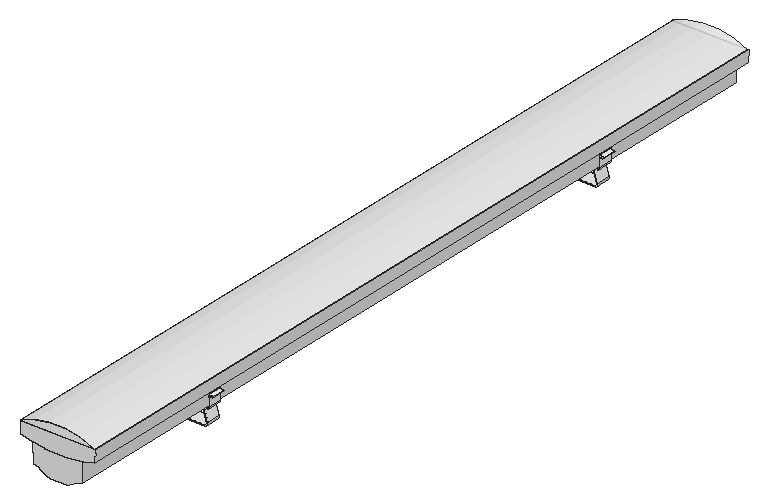
Revit family "Lighting-Industriale-GEWISS-SMART[3]e-PLAFONIERA-LED_OPALE_1200mm", category Apparecchi per illuminazione, host Superficie, Revit 2019
Family settings
  Host = Superficie
  Quota connettore circolare = Usa diametro
  Tipo di parte = Normale
  Numero OmniClass = 23.80.70.11
  Titolo OmniClass = Luminaries for Internal Lighting
  Taglio con vuoti quando caricato = No
  Sorgente d'illuminazione = No
  Condiviso = No
  Punto di calcolo locali = Sì
Parameters (values of type "GWS3220EP840 - SMART3e 1200 ON/OFF OPAL CRI80 4000K")
  Viti esterne = "-"
  Visibilita_etichetta [instance] = yes
  Versione file RFA = "21.4"
  Vano di alimentazione = "Integrato"
  URL = "https://www.gewiss.com/it/it"
  Tolleranza cromatica = "SDCM = 3"
  Tipologia sorgente luminosa = "LED - Non sostituibile"
  Tipo di installazione e montaggio = "Plafone - Parete - Sospensione"
  Tipo di apparecchio = "Apparecchio a LED per illuminazione generale"
  Tensione di alimentazione = "220 - 240 V"
  Temperatura di stoccaggio = "-25 +80 °C"
  Temperatura di esercizio = "-25 +40 °C"
  Superficie massima esposta al vento : = "-"
  Struttura = GEWISS - SMART 3 - GRIGIO
  Stampa 1_200 = no
  Stampa 1_100 = not(Stampa 1_200)  # yes
  Spostamento_Y_etichetta [instance] = 0 mm
  Spostamento_Y_effettivo_etichetta [instance] = 1500 mm - Spostamento_Y_etichetta  # 1500 mm
  Spostamento_X_etichetta [instance] = 0 mm
  Spostamento_X_effettivo_etichetta [instance] = 1500 mm - Spostamento_X_etichetta  # 1500 mm
  SostituibilitÃ  piastra di cablaggio = "Non disponibile"
  SostituibilitÃ  gruppo ottico = "Non disponibile"
  Sistema di controllo : = "ON / OFF"
  Sistema di controllo = "Stand Alone - On / Off"
  Schermo. = Gewiss - Led Acceso
  Schermo = "Policarbonato stabilizzato agli UV"
  Scheda Tecnica = "https://www.gewiss.com/it/it/search?q=GWS3220EP840"
  Resistenza al filo incandescente = "850 °C"
  Resistenza agli urti = "IK08"
  Default Elevation = 1219.2 mm
  Produttore = "GEWISS S.p.A."
  Ottica = "Opale diffondente"
  Norma di riferimento = "EN60598-1; IEC 62778; IEC62471"
  Modello = "GWS3220EP840"
  Materiali = "-"
  Lunghezza Lampada = 1200 mm  # constant formula
  Lampada = "LED"
  Installazione e manutenzione = "-"
  Informazioni generali = "-"
  Indice di resa cromatica = "CRI>80"
  Inclinazione = "Con staffa di fissaggio"
  Immagine tipo = GWS3136P.jpg
  IPEA = "-"
  IFC.TypeObject = ""
  IFC.ExportType = ""
  IFC.ExportAs = ""
  IDT = "b2a83afa-fdcf-41be-8833-5f8c4d209246"
  IDF = "debe48e3-4256-46b4-8a1a-259739a0f31f"
  Guarnizioni = "Sigillante depositato a CNC"
  Gruppo ottico = "Integrato nello schermo"
  Grado di protezione = "IP66/IP69"
  Garanzia = "5 anni"
  Gancio di chiusura = "-"
  Ganci = GEWISS  - ALLUMINIO
  Frequenza nominale (Hz) = "50/60 Hz"
  Fissaggio = "Supporto in acciaio INOX"
  Finitura colore = "PC colorato in pasta RAL7035"
  Failure rate alimentatore = "F10 = 90.000 h a Tq 25°C/F10= 50.000 h a Tq 40°C"
  Durata di vita = "L80B20(Tq25°C)=90.000h - L80B20(Tq40°C)=50.000h"
  Dispositivo di protezione = "DM 1KV / CM 2KV"
  Descrizione = "SMART3e 1200 ON/OFF OPAL CRI80 4000K"
  Creato da GEWISS S.p.A. = ""
  Corpo = "Policarbonato"
  Controllo abbagliamento e luminanza = "UGR < 25 (4H/8H)"
  Contesto = "Illuminazione di magazzini, parcheggi coperti e locali produttivi industriali"
  Commenti sul wattaggio = "43W"
  Colore = "Grigio RAL 7035"
  Codice digitale univoco (Datamatrix) = "Datamatrix"
  Codice EAN = ""
  Classificazione: = "-"
  Classe isolamento = "II"
  Classe fotobiologica = "-"
  Certificazioni e classificazioni = "-"
  Certificazione DIN 18032-3 = "Non disponibile"
  Catalogo = "LIGHTING"
  Carico apparente = 43 VA
  Caratteristiche ottiche e illuminotecniche = "-"
  Caratteristiche elettriche e gestione della luce = "-"
  Cablaggio : = "Stand alone"
  Cablaggio = "Con connettore stagno Gw connect"
  COBie.Tagnumber = ""
  COBie.CreatedOn = ""
  COBie.CreatebBy = ""
  COBie.ComponentRegisterItemID = ""
  COBie.Component.TagNumber = ""
  COBie.Component.Space = ""
  COBie.Component.SerialNumber = ""
  COBie.Component.InstallationDate = ""
  COBie.Component.Description = ""
  COBie.Component.BarCode = ""
  Applicazione = "Interno"
  Apparecchio a ridotta temperatura superficiale = "Si"
  Alimentatore = "Incluso"
Types (5, lengths in mm): name | Sistema di controllo | Scheda Tecnica | Modello | IDT | Descrizione | Cablaggio :
  (no name) | "Stand Alone - On / Off" | "https://www.gewiss.com/it/it/search?q=GWS3220EP840" | "GWS3220EP840" | "b2a83afa-fdcf-41be-8833-5f8c4d209246" | "SMART3e 1200 ON/OFF OPAL CRI80 4000K" | "Stand alone"
  GWS3220EP840 - SMART3e 1200 ON/OFF OPAL CRI80 4000K | "Stand Alone - On / Off" | "https://www.gewiss.com/it/it/search?q=GWS3220EP840" | "GWS3220EP840" | "b2a83afa-fdcf-41be-8833-5f8c4d209246" | "SMART3e 1200 ON/OFF OPAL CRI80 4000K" | "Stand alone"
  GWS3220EP857 - SMART3e 1200 ON/OFF OPAL CRI80 5700K | "Stand Alone - On / Off" | "https://www.gewiss.com/it/it/search?q=GWS3220EP857" | "GWS3220EP857" | "91d943c5-a662-4a5c-8a36-b5ca2b7ee47d" | "SMART3e 1200 ON/OFF OPAL CRI80 5700K" | "Stand alone"
  GWS3222EP840 - SMART3e 1200 TW ON/OFF OPAL CRI80 4000K | "Linea Passante - On / Off" | "https://www.gewiss.com/it/it/search?q=GWS3222EP840" | "GWS3222EP840" | "50134422-6e4f-446d-9d17-0f79fe45b235" | "SMART3e 1200 TW ON/OFF OPAL CRI80 4000K" | "Linea Passante"
  GWS3222EP857 - SMART3e 1200 TW ON/OFF OPAL CRI80 5700K | "Linea Passante - On / Off" | "https://www.gewiss.com/it/it/search?q=GWS3222EP857" | "GWS3222EP857" | "758a5e43-e37e-4759-b00e-52f18e81c504" | "SMART3e 1200 TW ON/OFF OPAL CRI80 5700K" | "Linea Passante"
Reference planes
  plane 1 "Centro (Fronte/Retro)": y = 0
  plane 2: z = 0
  plane 3 "Centro (Sinistra/Destra)": x = 0
  plane 4: x = -1500
  plane 5: y = -1500
  plane 6: x = 0
  plane 7: y = 0
Forms (mm)
  Extrusion 1, solid, material "GEWISS  - ALLUMINIO" <- "Ganci", detail levels medium+fine
    sketch origin (0, 0, 0) x (1, 0, 0) y (0, 0, 1)
      loop
        arc (31.431, -0.002) -> (34.576, 1.589) -> (35.156, 5.066) r 3.903
        line (35.156, 5.066) -> (29.612, 23.211)
        arc (29.612, 23.211) -> (29.883, 24.381) -> (31.032, 24.73) r 1.2
        line (31.032, 24.73) -> (34.307, 23.974)
        arc (34.307, 23.974) -> (36.765, 24.53) -> (37.859, 26.8) r 2.9
        line (37.859, 26.8) -> (37.859, 38.8)
        arc (37.859, 38.8) -> (37.648, 39.694) -> (37.059, 40.4) r 2
        line (37.059, 40.4) -> (37.059, 42.71) -> (42.861, 40.598) -> (43.203, 41.538) -> (37.53, 43.603)
        arc (37.53, 43.603) -> (37.019, 43.613) -> (36.605, 43.311) r 0.8
        line (36.605, 43.311) -> (36.306, 26.139)
        arc (36.306, 26.139) -> (35.6, 25.444) -> (34.616, 25.34) r 1.5
        line (34.616, 25.34) -> (31.344, 26.095)
        arc (31.344, 26.095) -> (28.858, 25.335) -> (28.273, 22.802) r 2.6
        line (28.273, 22.802) -> (33.827, 4.636)
        arc (33.827, 4.636) -> (33.449, 2.415) -> (31.438, 1.4) r 2.5
        line (31.438, 1.4) -> (-31.437, 1.4)
        arc (-31.437, 1.4) -> (-33.449, 2.415) -> (-33.827, 4.636) r 2.5
        line (-33.827, 4.636) -> (-28.273, 22.802)
        arc (-28.273, 22.802) -> (-28.858, 25.335) -> (-31.344, 26.095) r 2.6
        line (-31.344, 26.095) -> (-34.616, 25.34)
        arc (-34.616, 25.34) -> (-35.6, 25.444) -> (-36.306, 26.139) r 1.5
        line (-36.306, 26.139) -> (-36.605, 43.311)
        arc (-36.605, 43.311) -> (-37.019, 43.613) -> (-37.53, 43.603) r 0.8
        line (-37.53, 43.603) -> (-43.203, 41.538) -> (-42.861, 40.598) -> (-37.059, 42.71) -> (-37.059, 40.4)
        arc (-37.059, 40.4) -> (-37.648, 39.694) -> (-37.859, 38.8) r 2
        line (-37.859, 38.8) -> (-37.859, 26.8)
        arc (-37.859, 26.8) -> (-36.765, 24.53) -> (-34.307, 23.974) r 2.9
        line (-34.307, 23.974) -> (-31.032, 24.73)
        arc (-31.032, 24.73) -> (-29.883, 24.381) -> (-29.612, 23.211) r 1.2
        line (-29.612, 23.211) -> (-35.156, 5.066)
        arc (-35.156, 5.066) -> (-34.576, 1.589) -> (-31.431, -0.002) r 3.903
        line (-31.431, -0.002) -> (31.431, -0.002)
    from 348.766 to 368.766
  Extrusion 2, solid, material "GEWISS  - ALLUMINIO" <- "Ganci", detail levels medium+fine
    sketch origin (0, 0, 0) x (1, 0, 0) y (0, 0, -1)
      loop
        line (31.431, 0.002) -> (-31.431, 0.002)
        arc (-31.431, 0.002) -> (-34.576, -1.589) -> (-35.156, -5.066) r 3.903
        line (-35.156, -5.066) -> (-29.612, -23.211)
        arc (-29.612, -23.211) -> (-29.883, -24.381) -> (-31.032, -24.73) r 1.2
        line (-31.032, -24.73) -> (-34.307, -23.974)
        arc (-34.307, -23.974) -> (-36.765, -24.53) -> (-37.859, -26.8) r 2.9
        line (-37.859, -26.8) -> (-37.859, -38.8)
        arc (-37.859, -38.8) -> (-37.648, -39.694) -> (-37.059, -40.4) r 2
        line (-37.059, -40.4) -> (-37.059, -42.71) -> (-42.861, -40.598) -> (-43.203, -41.538) -> (-37.53, -43.603)
        arc (-37.53, -43.603) -> (-37.019, -43.613) -> (-36.605, -43.311) r 0.8
        line (-36.605, -43.311) -> (-36.306, -26.139)
        arc (-36.306, -26.139) -> (-35.6, -25.444) -> (-34.616, -25.34) r 1.5
        line (-34.616, -25.34) -> (-31.344, -26.095)
        arc (-31.344, -26.095) -> (-28.858, -25.335) -> (-28.273, -22.802) r 2.6
        line (-28.273, -22.802) -> (-33.827, -4.636)
        arc (-33.827, -4.636) -> (-33.449, -2.415) -> (-31.437, -1.4) r 2.5
        line (-31.437, -1.4) -> (31.438, -1.4)
        arc (31.438, -1.4) -> (33.449, -2.415) -> (33.827, -4.636) r 2.5
        line (33.827, -4.636) -> (28.273, -22.802)
        arc (28.273, -22.802) -> (28.858, -25.335) -> (31.344, -26.095) r 2.6
        line (31.344, -26.095) -> (34.616, -25.34)
        arc (34.616, -25.34) -> (35.6, -25.444) -> (36.306, -26.139) r 1.5
        line (36.306, -26.139) -> (36.605, -43.311)
        arc (36.605, -43.311) -> (37.019, -43.613) -> (37.53, -43.603) r 0.8
        line (37.53, -43.603) -> (43.203, -41.538) -> (42.861, -40.598) -> (37.059, -42.71) -> (37.059, -40.4)
        arc (37.059, -40.4) -> (37.648, -39.694) -> (37.859, -38.8) r 2
        line (37.859, -38.8) -> (37.859, -26.8)
        arc (37.859, -26.8) -> (36.765, -24.53) -> (34.307, -23.974) r 2.9
        line (34.307, -23.974) -> (31.032, -24.73)
        arc (31.032, -24.73) -> (29.883, -24.381) -> (29.612, -23.211) r 1.2
        line (29.612, -23.211) -> (35.156, -5.066)
        arc (35.156, -5.066) -> (34.576, -1.589) -> (31.431, 0.002) r 3.903
    from 348.766 to 368.766
  Extrusion 3, solid, material "GEWISS - SMART 3 - GRIGIO" <- "Struttura", detail levels medium+fine
    sketch origin (0, 0, 0) x (1, 0, 0) y (0, 0, 1)
      loop
        line (-36.331, 55.757) -> (-35.847, 28.018)
        arc (-35.847, 28.018) -> (-33.139, 27.27) -> (-30.416, 26.58) r 129.5
        arc (-30.416, 26.58) -> (-28.066, 25.76) -> (-25.915, 24.506) r 13
        arc (-25.915, 24.506) -> (-24.23, 23.324) -> (-22.521, 22.178) r 99.5
        arc (-22.521, 22.178) -> (-16.401, 19.063) -> (-9.748, 17.365) r 31.146
        line (-9.748, 17.365) -> (12.491, 17.365)
        arc (12.491, 17.365) -> (17.822, 19.098) -> (22.764, 21.745) r 31.646
        arc (22.764, 21.745) -> (24.509, 22.915) -> (26.228, 24.122) r 100
        arc (26.228, 24.122) -> (28.283, 25.313) -> (30.525, 26.095) r 12.5
        arc (30.525, 26.095) -> (33.437, 26.834) -> (36.332, 27.64) r 130
        line (36.332, 27.64) -> (36.824, 55.851)
        arc (36.824, 55.851) -> (24.914, 53.937) -> (12.909, 52.764) r 195.047
        line (12.909, 52.764) -> (-12.909, 52.764)
        arc (-12.909, 52.764) -> (-24.665, 53.905) -> (-36.331, 55.757) r 195.047
    from -600 to 600
  Extrusion 4, solid, material "GEWISS - SMART 3 - GRIGIO" <- "Struttura", detail levels medium+fine
    sketch origin (0, 0, 0) x (1, 0, 0) y (0, 0, 1)
      loop
        line (54.725, 60.184) -> (55.177, 77.445) -> (-55.177, 77.445) -> (-54.725, 60.184)
        arc (-54.725, 60.184) -> (-34.019, 55.332) -> (-12.909, 52.764) r 195.047
        line (-12.909, 52.764) -> (12.909, 52.764)
        arc (12.909, 52.764) -> (34.019, 55.332) -> (54.725, 60.184) r 195.047
    from -600 to 600
  Extrusion 5, solid, material "Gewiss - Led Acceso" <- "Schermo.", detail levels medium+fine
    sketch origin (0, 0, 0) x (1, 0, 0) y (0, 0, 1)
      loop
        arc (54.697, 78.441) -> (-0.014, 90.457) -> (-54.723, 78.429) r 130.5
        arc (-54.723, 78.429) -> (-54.988, 77.838) -> (-54.5, 77.445) r 0.5
        line (-54.5, 77.445) -> (54.479, 77.445)
        arc (54.479, 77.445) -> (54.988, 77.855) -> (54.697, 78.441) r 0.522
    from -600 to 600
  Extrusion 6, solid, material "GEWISS - SMART 3 - GRIGIO" <- "Struttura", detail levels coarse
    sketch origin (0, 0, 0) x (1, 0, 0) y (0, 0, 1)
      loop
        line (-54.5, 90.439) -> (-54.5, 0) -> (54.5, 0) -> (54.5, 90.439) -> (-54.5, 90.439)
    from -600 to 600
Lines and regions (mm)
  Masking region 1
    outline origin (0, 0, 0) x (1, 0, 0) y (0, 1, 0)
      loop
        line (-55.177, 600) -> (-55.177, -600) -> (55.177, -600) -> (55.177, 600) -> (-55.177, 600)
  symbolic lines, style "GEWISS - LIGHT 2D"
    curve 1: line (0, 488.766, 0) -> (0, -535.897, 0)
Dimensions and locks
  plane 4 to plane 3 "Centro (Sinistra/Destra)" = 1500 mm
  "Spostamento_X_effettivo_etichetta": plane 4 to plane 6
  plane 1 "Centro (Fronte/Retro)" to plane 5 = 1500 mm
  "Spostamento_Y_effettivo_etichetta": plane 7 to plane 5
  aligned and locked: plane 2 to host face
  aligned and locked: level to host face
  aligned and locked: Masking region 1 sketch curve to Extrusion 4  (x4)
  aligned and locked: nested 1 to plane 7
  aligned and locked: plane 6 to nested 1
  aligned and locked: curve 1 to plane 3 "Centro (Sinistra/Destra)"
Automatic sketch dimensions
  host sketch curve to host sketch curve = 2438.4 mm  (x2)
  Extrusion 1 sketch curve to Extrusion 1 sketch curve = 0 mm  (x28)
  Extrusion 1 sketch curve to plane 3 "Centro (Sinistra/Destra)" = 43.203 mm
  level to Extrusion 1 sketch curve = 40.598 mm
  Extrusion 1 sketch curve to Extrusion 1 sketch curve = 0.342 mm  (x2)
  Extrusion 1 sketch curve to Extrusion 1 sketch curve = 5.002 mm  (x2)
  Extrusion 1 sketch curve to Extrusion 1 sketch curve = 0.329 mm
  Extrusion 1 sketch curve to Extrusion 1 sketch curve = 0.271 mm  (x2)
  Extrusion 1 sketch curve to Extrusion 1 sketch curve = 0.8 mm  (x2)
  Extrusion 1 sketch curve to Extrusion 1 sketch curve = 0.454 mm  (x2)
  Extrusion 1 sketch curve to Extrusion 1 sketch curve = 1.554 mm
  Extrusion 1 sketch curve to Extrusion 1 sketch curve = 2 mm
  level to Extrusion 1 sketch curve = 5.066 mm  (x2)
  Extrusion 1 sketch curve to Extrusion 1 sketch curve = 1.15 mm
  Extrusion 1 sketch curve to Extrusion 1 sketch curve = 1.346 mm  (x2)
  Extrusion 1 sketch curve to Extrusion 1 sketch curve = 0.343 mm  (x2)
  level to Extrusion 1 sketch curve = 4.636 mm  (x2)
  Extrusion 1 sketch curve to Extrusion 1 sketch curve = 1.329 mm  (x2)
  level to Extrusion 1 sketch curve = 1.4 mm
  Extrusion 1 sketch curve to Extrusion 1 sketch curve = 2.389 mm  (x2)
  Extrusion 1 sketch curve to Extrusion 1 sketch curve = 0.007 mm  (x2)
  Extrusion 1 sketch curve to Extrusion 1 sketch curve = 3.584 mm  (x2)
  Extrusion 1 sketch curve to Extrusion 1 sketch curve = 0.273 mm  (x2)
  plane 3 "Centro (Sinistra/Destra)" to Extrusion 1 sketch curve = 30.759 mm
  Extrusion 1 sketch curve to level = 0.002 mm
  Extrusion 1 sketch curve to Extrusion 1 sketch curve = 0.672 mm
  Extrusion 1 sketch curve to Extrusion 1 sketch curve = 0.9 mm
  level to Extrusion 1 sketch curve = 26.139 mm
  Extrusion 1 sketch curve to Extrusion 1 sketch curve = 0.746 mm
  Extrusion 1 sketch curve to Extrusion 1 sketch curve = 0.2 mm
  Extrusion 1 sketch curve to Extrusion 1 sketch curve = 2.577 mm
  Extrusion 1 sketch curve to Extrusion 1 sketch curve = 18.496 mm
  Extrusion 1 sketch curve to Extrusion 1 sketch curve = 1.169 mm  (x2)
  Extrusion 1 sketch curve to Extrusion 1 sketch curve = 0.799 mm  (x2)
  Extrusion 1 sketch curve to Extrusion 1 sketch curve = 0.609 mm
  Extrusion 1 sketch curve to Extrusion 1 sketch curve = 1.798 mm  (x2)
  Extrusion 1 sketch curve to Extrusion 1 sketch curve = 12 mm
  Extrusion 1 sketch curve to Extrusion 1 sketch curve = 0.94 mm  (x2)
  Extrusion 1 sketch curve to Extrusion 1 sketch curve = 0.14 mm  (x2)
  Extrusion 1 sketch curve to Extrusion 1 sketch curve = 0.309 mm  (x2)
  Extrusion 1 sketch curve to Extrusion 1 sketch curve = 0.312 mm  (x2)
  Extrusion 1 sketch curve to Extrusion 1 sketch curve = 1.148 mm  (x2)
  Extrusion 1 sketch curve to Extrusion 1 sketch curve = 1.339 mm
  Extrusion 1 sketch curve to Extrusion 1 sketch curve = 2.486 mm
  Extrusion 1 sketch curve to Extrusion 1 sketch curve = 0.409 mm  (x2)
  Extrusion 2 sketch curve to Extrusion 2 sketch curve = 0 mm  (x28)
  Extrusion 2 sketch curve to plane 3 "Centro (Sinistra/Destra)" = 43.203 mm
  level to Extrusion 2 sketch curve = 40.598 mm
  Extrusion 2 sketch curve to Extrusion 2 sketch curve = 0.342 mm  (x2)
  Extrusion 2 sketch curve to Extrusion 2 sketch curve = 5.002 mm  (x2)
  Extrusion 2 sketch curve to Extrusion 2 sketch curve = 0.329 mm
  Extrusion 2 sketch curve to Extrusion 2 sketch curve = 0.271 mm  (x2)
  Extrusion 2 sketch curve to Extrusion 2 sketch curve = 0.8 mm  (x2)
  Extrusion 2 sketch curve to Extrusion 2 sketch curve = 0.454 mm  (x2)
  Extrusion 2 sketch curve to Extrusion 2 sketch curve = 1.554 mm
  Extrusion 2 sketch curve to Extrusion 2 sketch curve = 2 mm
  level to Extrusion 2 sketch curve = 5.066 mm  (x2)
  Extrusion 2 sketch curve to Extrusion 2 sketch curve = 1.15 mm
  Extrusion 2 sketch curve to Extrusion 2 sketch curve = 1.346 mm  (x2)
  Extrusion 2 sketch curve to Extrusion 2 sketch curve = 0.343 mm  (x2)
  level to Extrusion 2 sketch curve = 4.636 mm  (x2)
  Extrusion 2 sketch curve to Extrusion 2 sketch curve = 1.329 mm  (x2)
  level to Extrusion 2 sketch curve = 1.4 mm
  Extrusion 2 sketch curve to Extrusion 2 sketch curve = 2.389 mm  (x2)
  Extrusion 2 sketch curve to Extrusion 2 sketch curve = 0.007 mm  (x2)
  Extrusion 2 sketch curve to Extrusion 2 sketch curve = 3.584 mm  (x2)
  Extrusion 2 sketch curve to Extrusion 2 sketch curve = 0.273 mm  (x2)
  plane 3 "Centro (Sinistra/Destra)" to Extrusion 2 sketch curve = 30.759 mm
  Extrusion 2 sketch curve to level = 0.002 mm
  Extrusion 2 sketch curve to Extrusion 2 sketch curve = 0.672 mm
  Extrusion 2 sketch curve to Extrusion 2 sketch curve = 0.9 mm
  level to Extrusion 2 sketch curve = 26.139 mm
  Extrusion 2 sketch curve to Extrusion 2 sketch curve = 0.746 mm
  Extrusion 2 sketch curve to Extrusion 2 sketch curve = 0.2 mm
  Extrusion 2 sketch curve to Extrusion 2 sketch curve = 14.46 mm
  Extrusion 2 sketch curve to Extrusion 2 sketch curve = 0.94 mm  (x2)
  Extrusion 2 sketch curve to Extrusion 2 sketch curve = 0.14 mm  (x2)
  Extrusion 2 sketch curve to Extrusion 2 sketch curve = 2.31 mm  (x2)
  Extrusion 2 sketch curve to Extrusion 2 sketch curve = 12 mm
  Extrusion 2 sketch curve to Extrusion 2 sketch curve = 0.661 mm  (x2)
  Extrusion 2 sketch curve to Extrusion 2 sketch curve = 0.609 mm  (x2)
  Extrusion 2 sketch curve to Extrusion 2 sketch curve = 1.169 mm  (x2)
  Extrusion 2 sketch curve to Extrusion 2 sketch curve = 0.309 mm  (x2)
  Extrusion 2 sketch curve to Extrusion 2 sketch curve = 0.312 mm  (x2)
  Extrusion 2 sketch curve to Extrusion 2 sketch curve = 1.148 mm  (x2)
  Extrusion 2 sketch curve to Extrusion 2 sketch curve = 1.339 mm
  Extrusion 2 sketch curve to Extrusion 2 sketch curve = 2.486 mm
  Extrusion 2 sketch curve to Extrusion 2 sketch curve = 1.365 mm  (x2)
  Extrusion 3 sketch curve to plane 3 "Centro (Sinistra/Destra)" = 36.331 mm
  Extrusion 3 sketch curve to Extrusion 3 sketch curve = 0.484 mm
  Extrusion 3 sketch curve to Extrusion 3 sketch curve = 2.34 mm
  Extrusion 3 sketch curve to plane 3 "Centro (Sinistra/Destra)" = 32.068 mm
  Extrusion 3 sketch curve to plane 3 "Centro (Sinistra/Destra)" = 12.909 mm
  Extrusion 3 sketch curve to plane 3 "Centro (Sinistra/Destra)" = 9.748 mm
  Extrusion 3 sketch curve to plane 3 "Centro (Sinistra/Destra)" = 5.421 mm
  Extrusion 3 sketch curve to plane 3 "Centro (Sinistra/Destra)" = 0.057 mm
  Extrusion 3 sketch curve to plane 3 "Centro (Sinistra/Destra)" = 0.007 mm
  Extrusion 3 sketch curve to plane 3 "Centro (Sinistra/Destra)" = 0.001 mm
  plane 3 "Centro (Sinistra/Destra)" to Extrusion 3 sketch curve = 0.057 mm
  plane 3 "Centro (Sinistra/Destra)" to Extrusion 3 sketch curve = 5.412 mm
  plane 3 "Centro (Sinistra/Destra)" to Extrusion 3 sketch curve = 12.491 mm
  Extrusion 3 sketch curve to Extrusion 3 sketch curve = 7.496 mm
  plane 3 "Centro (Sinistra/Destra)" to Extrusion 3 sketch curve = 32.059 mm
  Extrusion 3 sketch curve to Extrusion 3 sketch curve = 21.008 mm
  Extrusion 3 sketch curve to Extrusion 3 sketch curve = 2.833 mm
  Extrusion 3 sketch curve to Extrusion 3 sketch curve = 23.916 mm
  level to Extrusion 3 sketch curve = 13.953 mm  (x2)
  level to Extrusion 3 sketch curve = 17.365 mm  (x2)
  Extrusion 3 sketch curve to Extrusion 3 sketch curve = 13.687 mm
  Extrusion 3 sketch curve to Extrusion 3 sketch curve = 14.064 mm
  Extrusion 3 sketch curve to Extrusion 3 sketch curve = 30.844 mm
  Extrusion 3 sketch curve to Extrusion 3 sketch curve = 0 mm  (x3)
  Extrusion 3 sketch curve to Extrusion 3 sketch curve = 4.555 mm
  Extrusion 3 sketch curve to Extrusion 3 sketch curve = 2.993 mm
  Extrusion 3 sketch curve to Extrusion 3 sketch curve = 3.087 mm
  Extrusion 3 sketch curve to Extrusion 3 sketch curve = 49.52 mm
  Extrusion 3 sketch curve to Extrusion 3 sketch curve = 49.615 mm
  Extrusion 3 sketch curve to Extrusion 3 sketch curve = 47.089 mm
  Extrusion 3 sketch curve to Extrusion 3 sketch curve = 5.431 mm
  Extrusion 3 sketch curve to Extrusion 3 sketch curve = 4.5 mm
  Extrusion 3 sketch curve to Extrusion 3 sketch curve = 10.273 mm
  Extrusion 3 sketch curve to Extrusion 3 sketch curve = 3.465 mm
  Extrusion 3 sketch curve to Extrusion 3 sketch curve = 4.297 mm
  Extrusion 4 sketch curve to plane 3 "Centro (Sinistra/Destra)" = 55.177 mm
  Extrusion 4 sketch curve to Extrusion 4 sketch curve = 0.452 mm  (x2)
  Extrusion 4 sketch curve to plane 3 "Centro (Sinistra/Destra)" = 12.909 mm
  Extrusion 4 sketch curve to plane 3 "Centro (Sinistra/Destra)" = 0.057 mm
  plane 3 "Centro (Sinistra/Destra)" to Extrusion 4 sketch curve = 0.057 mm
  plane 3 "Centro (Sinistra/Destra)" to Extrusion 4 sketch curve = 12.909 mm
  Extrusion 4 sketch curve to Extrusion 4 sketch curve = 41.816 mm
  level to Extrusion 4 sketch curve = 52.764 mm
  Extrusion 4 sketch curve to Extrusion 4 sketch curve = 7.42 mm  (x2)
  Extrusion 4 sketch curve to Extrusion 4 sketch curve = 17.262 mm
  Extrusion 5 sketch curve to plane 3 "Centro (Sinistra/Destra)" = 0 mm
  Extrusion 5 sketch curve to plane 3 "Centro (Sinistra/Destra)" = 54.5 mm
  plane 3 "Centro (Sinistra/Destra)" to Extrusion 5 sketch curve = 54.479 mm
  Extrusion 5 sketch curve to level = 40.043 mm
  level to Extrusion 5 sketch curve = 77.445 mm
  Extrusion 5 sketch curve to Extrusion 5 sketch curve = 0.5 mm
  Extrusion 5 sketch curve to Extrusion 5 sketch curve = 0.522 mm
  Extrusion 5 sketch curve to Extrusion 5 sketch curve = 0.21 mm
  Extrusion 5 sketch curve to Extrusion 5 sketch curve = 0.014 mm
  Extrusion 5 sketch curve to Extrusion 5 sketch curve = 0 mm
  Extrusion 6 sketch curve to level = 0 mm
  Extrusion 6 sketch curve to plane 3 "Centro (Sinistra/Destra)" = 54.5 mm
  plane 3 "Centro (Sinistra/Destra)" to Extrusion 6 sketch curve = 54.5 mm
  Extrusion 6 sketch curve to Extrusion 6 sketch curve = 90.439 mm
  plane 1 "Centro (Fronte/Retro)" to curve 1 = 535.897 mm
  curve 1 to plane 1 "Centro (Fronte/Retro)" = 488.766 mm
Nested families
  nested 1: "ETICHETTA WATTAGGIO" at (0, 0, 0), visible <- "Visibilita_etichetta", type "ETICHETTA WATTAGGIO"
Connectors
  electrical at (0, 0, 0), driven by "Carico apparente"
    settings: on Masking region 1, index 1, voltage 230 V, apparent load 0 VA, apparent load phase1 43 VA, apparent load phase2 0 VA, apparent load phase3 0 VA, power factor 1, load classification "Illuminazione", number of poles 2, system type 31, power factor state 1, is connector primary yes, connector utility no, sub classification motor no, connector description ""
Definition of nested family "ETICHETTA WATTAGGIO"
  Parameters (values of type "ETICHETTA WATTAGGIO")
    GW - Potenza di sistema = ""
    GW - Numero LED = ""
    COMMENTI = "13W"
    1_200 = no
    1_100 = yes
  Reference planes
    plane 1: y = 0
    plane 2: x = 0
  Text (mm)
    label "GW - Potenza di sistema\nGW - Numero LED LED" at (-0.057, -0.214, 0), shows "GW - Potenza di sistema", "GW - Numero LED", visible <- "1_100"
    label "GW - Potenza di sistema\nGW - Numero LED LED " at (-0.057, -0.214, 0), shows "GW - Potenza di sistema", "GW - Numero LED", visible <- "1_200"
